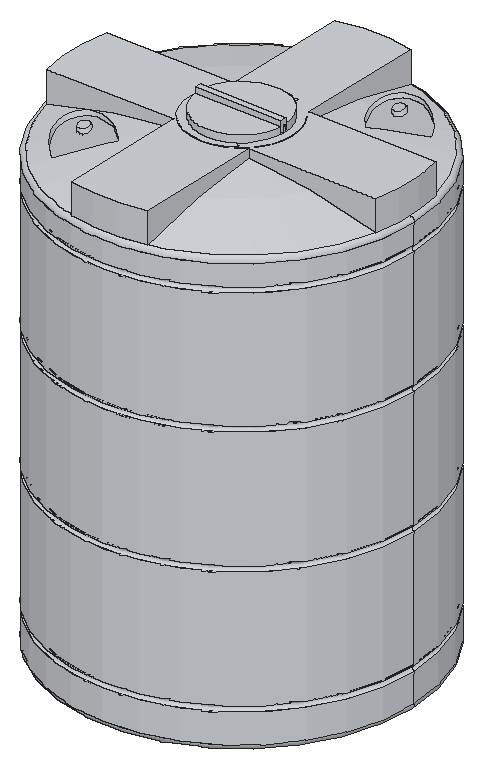
Revit family "Расходный бак коагулянта и щелочи", category Оборудование, Revit 2020
Family settings
  Размер круглого соединителя = Использовать диаметр
  Классификация = Нет
  Тип детали = Нормальный
  На основе рабочей плоскости = Нет
  Всегда вертикально = Да
  При загрузке вырезать с полостями = Нет
  Общий = Нет
  Точка расчета площади = Нет
Parameters
  Отметка по умолчанию = 0 mm
  ADSK_Примечание [instance] = ""
  ADSK_Позиция [instance] = "17"
  ADSK_Наименование краткое [instance] = ""
  ADSK_Наименование [instance] = "Расходный бак коагулянта и щелочи"
  Мтрл.Название [instance] = ""
  ADSK_Масса_Текст [instance] = "25"
  ADSK_Марка [instance] = ""
  ADSK_Код изделия [instance] = ""
  ADSK_Завод-изготовитель [instance] = "ООО \"НПК \"Акватроник\""
  ADSK_Единица измерения = "шт."
Reference planes
  plane 1 "По центру (Вперед/Назад)": y = 0
  plane 2: z = 0
  plane 3 "По центру (Влево/Вправо)": x = 0
Forms (mm)
  Revolve 1, solid
    sketch origin (0, 0, 0) x (1, 0, 0) y (0, 0, 1)
      loop
        line (0, 0) -> (625, 0)
        arc (625, 0) -> (639.142, 5.858) -> (645, 20) r 20
        line (645, 20) -> (645, 130)
        arc (645, 130) -> (635, 140) -> (645, 150) r 10
        line (645, 150) -> (645, 597)
        arc (645, 597) -> (635, 607) -> (645, 617) r 10
        line (645, 617) -> (645, 1064)
        arc (645, 1064) -> (635, 1074) -> (645, 1084) r 10
        line (645, 1084) -> (645, 1530)
        arc (645, 1530) -> (635, 1540) -> (645, 1550) r 10
        line (645, 1550) -> (645, 1627.182)
        arc (645, 1627.182) -> (640.422, 1639.916) -> (628.785, 1646.821) r 20
        spline (628.785, 1646.821) -> (591.452, 1657.258) -> (553.355, 1667.372) -> (514.764, 1677.074) -> (475.951, 1686.278) -> (437.188, 1694.894) -> (398.744, 1702.836) -> (360.893, 1710.014) -> (323.904, 1716.341) -> (288.049, 1721.73) -> (253.599, 1726.092) -> (220.826, 1729.339) -> (190, 1731.383)
        line (190, 1731.383) -> (190, 1760) -> (160, 1760) -> (160, 1785) -> (0, 1785) -> (0, 0)
      axis (0, 0) -> (0, 1785)
    angle from 0 to 360
  Extrusion 2, solid
    sketch origin (0, 0, 0) x (1, 0, 0) y (0, 1, 0)
      loop
        line (-613.001, -140) -> (-140, -140) -> (-140, -613.001)
        arc (-140, -613.001) -> (0, -628.785) -> (140, -613.001) r 628.785
        line (140, -613.001) -> (140, -140) -> (613.001, -140)
        arc (613.001, -140) -> (628.785, 0) -> (613.001, 140) r 628.785
        line (613.001, 140) -> (140, 140) -> (140, 613.001)
        arc (140, 613.001) -> (0, 628.785) -> (-140, 613.001) r 628.785
        line (-140, 613.001) -> (-140, 140) -> (-613.001, 140)
        arc (-613.001, 140) -> (-628.785, 0) -> (-613.001, -140) r 628.785
    from 1646.821 to 1760
  Extrusion 3, solid
    sketch origin (-429.797, -445.814, 367.519) x (-0.709589, -0.704616, 0) y (0, 0, 1)
      loop
        circle (-1081.38, 1330.251) r 100
      loop
        circle (-1081.105, 1391.856) r 25
    from 0 to 32.335
  Extrusion 4, solid
    sketch origin (445.74, 429.724, 367.519) x (0.704616, 0.709589, 0) y (0, 0, -1)
      loop
        circle (-1081.38, -1330.251) r 100
      loop
        circle (-1081.105, -1391.856) r 25
    from 0 to 32.335
  Extrusion 5, solid
    sketch origin (0, 0, 0) x (1, 0, 0) y (0, 1, 0)
      loop
        line (-159.732, 9.248) -> (-159.732, -12.942) -> (159.476, -12.942) -> (159.476, 9.248) -> (-159.732, 9.248)
    from 1765.76 to 1804.796
Dimensions and locks
  aligned and locked: level to plane 2
